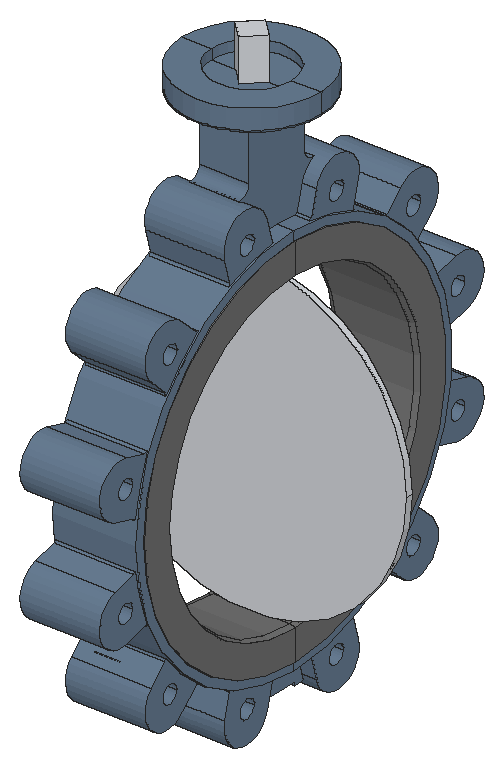
Revit family "HERZ Isolating Butterfly Valves AF-4219", category Rohrzubehör, Revit 2020
Family settings
  Bemaßung runder Anschluss = Durchmesser verwenden
  Teiletyp = Unterbricht
  OmniClass-Nummer = 23.65.55.14
  OmniClass-Titel = Valves for Liquid Services
  Arbeitsebenenbasiert = Nein
  Immer vertikal = Ja
  Beim Laden mit Abzugskörper schneiden = Nein
  Gemeinsam genutzt = Nein
Parameters
  Weight [instance] = size_lookup("4219_AF_", "Gewicht", 3.8, Nennweite)  # 37.6
  Vorgabe-Ansicht = 0.000 mm
  URL = "www.herzvalves.com"
  Spindle = "stainless steel ASTM-A276 / Type 316"  # constant formula
  Screws [instance] = if(Nennweite = 50.000 mm, "4x M16x35", if(Nennweite = 65.000 mm, "4x M16x35", if(Nennweite = 80.000 mm, "8x M16x35", if(Nennweite = 100.000 mm, "8x M16x40", if(Nennweite = 125.000 mm, "8x M16x40", if(Nennweite = 150.000 mm, "8x M20x40", if(Nennweite = 200.000 mm, "12x M20x45", if(Nennweite = 250.000 mm, "12x M24x45", "12x M24x45"))))))))  # "12x M24x45"
  SCTWSEQ = "FW;SBT_TYP_FW=\"101\";2"
  SCTWCODE = "04;07;02"  # constant formula
  SCRNSEQ = "ARM;ARM_TYP=\"ALLF\";2"
  SCRNCODE = "05;13;02"  # constant formula
  R99 = 1.500 mm  # constant formula
  R02 [instance] = size_lookup("4219_AF_", "R2", 1.000 mm, Nennweite)  # 37.500 mm
  Part number [instance] = size_lookup("4219_AF_", "Artnr", 421911, Nennweite)  # 1421939
  PN [instance] = size_lookup("4219_AF_", "PN", 16, Nennweite)  # 10
  O-Ring = "EPDM entsprechend ISO 1691"  # constant formula
  Min. operating temperature = "-20.00 °C with appropriate water-glycol mixture"  # constant formula
  Medium = "Heating water quality according ÖNORM H5195 or VDI-Standard 2035. The use of ethylene or propylene glycol in a\nmixing ratio 25- 50% is allowed."
  Max. operating temperature = 110 °C  # constant formula
  L05 [instance] = size_lookup("4219_AF_", "L5", 1.000 mm, Nennweite)  # 22.000 mm
  L04 [instance] = L01 - 3.500 mm  # 35.500 mm
  L03 [instance] = L01 + 1.500 mm  # 40.500 mm
  L02 [instance] = size_lookup("4219_AF_", "L2", 14.500 mm, Nennweite)  # 30.500 mm
  L01 [instance] = size_lookup("4219_AF_", "L1", 21.500 mm, Nennweite)  # 39.000 mm
  R01 [instance] = size_lookup("4219_AF_", "R1", 44.000 mm, Nennweite)  # 65.000 mm
  Nennweite [instance] = 300.000 mm
  Hersteller = "HERZ Armaturen Ges.m.b.H."  # constant formula
  H05 [instance] = size_lookup("4219_AF_", "H5", 1.000 mm, Nennweite) + H03  # 39.000 mm
  H04 [instance] = H01 - H03  # 299.000 mm
  H03 [instance] = size_lookup("4219_AF_", "H3", 1.000 mm, Nennweite)  # 9.000 mm
  H02 [instance] = size_lookup("4219_AF_", "H2", 13.000 mm, Nennweite)  # 20.000 mm
  H01 [instance] = size_lookup("4219_AF_", "H1", 125.000 mm, Nennweite)  # 308.000 mm
  Flange = "accoding to EN1092-2"  # constant formula
  Torque in NM [instance] = size_lookup("4219_AF_", "Nm", 20, Nennweite)  # 350
  Disc = "stainless steel 1.4408"  # constant formula
  DN80 [instance] = Nennweite = 80.000 mm  # no
  DN65 [instance] = Nennweite = 65.000 mm  # no
  DN50 [instance] = Nennweite = 50.000 mm  # no
  DN300 [instance] = Nennweite = 300.000 mm  # yes
  DN250 [instance] = Nennweite = 250.000 mm  # no
  DN200 [instance] = Nennweite = 200.000 mm  # no
  DN150 [instance] = Nennweite = 150.000 mm  # no
  DN125 [instance] = Nennweite = 125.000 mm  # no
  DN100 [instance] = Nennweite = 100.000 mm  # no
  D06 [instance] = size_lookup("4219_AF_", "D6", 25.300 mm, Nennweite)  # 146.500 mm
  D05 [instance] = size_lookup("4219_AF_", "D5", 24.500 mm, Nennweite)  # 145.000 mm
  D04 [instance] = D05 + 2.000 mm  # 147.000 mm
  D03 [instance] = size_lookup("4219_AF_", "D3", 35.500 mm, Nennweite)  # 167.500 mm
  D02 [instance] = size_lookup("4219_AF_", "D2", 41.000 mm, Nennweite)  # 175.000 mm
  D01 [instance] = size_lookup("4219_AF_", "D1", 47.000 mm, Nennweite)  # 183.000 mm
  Body sealing = "EPDM according to ISO 1691"  # constant formula
  Body = "GGG, GJS-400-15/JS1030, according to EN1563"  # constant formula
  Application = "Suitable for fluids in building services, cold water systems, hot water saystems, etc."
Reference planes
  plane 1 "Mitte (Vorne/hinten)": y = 0
  plane 2: z = 0
  plane 3 "Mitte (Links/rechts)": x = 0
Forms (mm)
  Revolve 1, solid, material "Herz-Metall-blau", detail levels fine
    sketch origin (0, 0, 0) x (1, 0, 0) y (0, 0, 1)
      loop
        line (-30.5, 175) -> (-30.5, 167.5) -> (30.5, 167.5) -> (30.5, 175) -> (39, 175) -> (39, 183) -> (-39, 183) -> (-39, 175) -> (-30.5, 175)
      axis (-39, 0) -> (39, 0)
    angle from 0 to 360
  Revolve 2, solid, material "Herz-Metall-blau", detail levels fine
    sketch origin (0, 0, 0) x (1, 0, 0) y (0, 0, 1)
      loop
        line (-65, 308) -> (-65, 289.463)
        arc (-65, 289.463) -> (-64.673, 288.527) -> (-63.833, 288) r 1.5
        line (-63.833, 288) -> (0, 288) -> (0, 299) -> (-37.5, 299) -> (-37.5, 308) -> (-65, 308)
      axis (0, 308) -> (0, 288)
    angle from 0 to 360
  Extrusion 3, solid, material "Herz-Metall-blau", visible <- "DN50", detail levels fine
    sketch origin (0, 0, 0) x (0, 1, 0) y (0, 0, 1)
      loop
        line (56.215, -32.173) -> (43.95, -19.909)
        arc (43.95, -19.909) -> (43.387, -18.793) -> (43.596, -17.56) r 2
        arc (43.596, -17.56) -> (33.234, -33.234) -> (17.56, -43.596) r 47
        arc (17.56, -43.596) -> (18.793, -43.387) -> (19.909, -43.95) r 2
        line (19.909, -43.95) -> (32.173, -56.215)
        arc (32.173, -56.215) -> (56.215, -56.215) -> (56.215, -32.173) r 17
      loop
        arc (-56.215, -32.173) -> (-56.215, -56.215) -> (-32.173, -56.215) r 17
        line (-32.173, -56.215) -> (-19.909, -43.95)
        arc (-19.909, -43.95) -> (-18.793, -43.387) -> (-17.56, -43.596) r 2
        arc (-17.56, -43.596) -> (-33.234, -33.234) -> (-43.596, -17.56) r 47
        arc (-43.596, -17.56) -> (-43.387, -18.793) -> (-43.95, -19.909) r 2
        line (-43.95, -19.909) -> (-56.215, -32.173)
      loop
        arc (56.215, 32.173) -> (56.215, 56.215) -> (32.173, 56.215) r 17
        line (32.173, 56.215) -> (19.909, 43.95)
        arc (19.909, 43.95) -> (18.793, 43.387) -> (17.56, 43.596) r 2
        arc (17.56, 43.596) -> (33.234, 33.234) -> (43.596, 17.56) r 47
        arc (43.596, 17.56) -> (43.387, 18.793) -> (43.95, 19.909) r 2
        line (43.95, 19.909) -> (56.215, 32.173)
      loop
        line (-56.215, 32.173) -> (-43.95, 19.909)
        arc (-43.95, 19.909) -> (-43.387, 18.793) -> (-43.596, 17.56) r 2
        arc (-43.596, 17.56) -> (-33.234, 33.234) -> (-17.56, 43.596) r 47
        arc (-17.56, 43.596) -> (-18.793, 43.387) -> (-19.909, 43.95) r 2
        line (-19.909, 43.95) -> (-32.173, 56.215)
        arc (-32.173, 56.215) -> (-56.215, 56.215) -> (-56.215, 32.173) r 17
      loop
        circle (-44.194, 44.194) r 6.92
      loop
        circle (44.194, 44.194) r 6.92
      loop
        circle (44.194, -44.194) r 6.92
      loop
        circle (-44.194, -44.194) r 6.92
    from -19.5 to 19.5
  Extrusion 4, solid, material "Herz-Metall-blau", visible <- "DN50", detail levels fine
    sketch origin (0, 0, 0) x (0, 1, 0) y (0, 0, 1)
      loop
        line (20, 74.845) -> (20, 112) -> (-20, 112) -> (-20, 74.845)
        arc (-20, 74.845) -> (-26.046, 62.811) -> (-39.31, 60.477) r 15
        arc (-39.31, 60.477) -> (-35.477, 58.789) -> (-32.173, 56.215) r 17
        line (-32.173, 56.215) -> (-19.909, 43.95)
        arc (-19.909, 43.95) -> (-18.793, 43.387) -> (-17.56, 43.596) r 2
        arc (-17.56, 43.596) -> (0, 47) -> (17.56, 43.596) r 47
        arc (17.56, 43.596) -> (18.793, 43.387) -> (19.909, 43.95) r 2
        line (19.909, 43.95) -> (32.173, 56.215)
        arc (32.173, 56.215) -> (35.477, 58.789) -> (39.31, 60.477) r 17
        arc (39.31, 60.477) -> (26.046, 62.811) -> (20, 74.845) r 15
    from -15 to 15
  Extrusion 5, solid, material "Herz-Metall-blau", visible <- "DN50"
    sketch origin (0, 0, 0) x (0, 1, 0) y (0, 0, 1)
      loop
        arc (33.834, -58) -> (34.246, -58.062) -> (34.622, -58.243) r 1.4
        arc (34.622, -58.243) -> (33.35, -57.286) -> (32.173, -56.215) r 17
        line (32.173, -56.215) -> (19.909, -43.95)
        arc (19.909, -43.95) -> (18.793, -43.387) -> (17.56, -43.596) r 2
        arc (17.56, -43.596) -> (0, -47) -> (-17.56, -43.596) r 47
        arc (-17.56, -43.596) -> (-18.793, -43.387) -> (-19.909, -43.95) r 2
        line (-19.909, -43.95) -> (-32.173, -56.215)
        arc (-32.173, -56.215) -> (-33.35, -57.286) -> (-34.622, -58.243) r 17
        arc (-34.622, -58.243) -> (-34.246, -58.062) -> (-33.834, -58) r 1.4
        line (-33.834, -58) -> (-16.963, -58)
        arc (-16.963, -58) -> (-15.575, -58.575) -> (-15, -59.963) r 1.963
        line (-15, -59.963) -> (-15, -61) -> (15, -61) -> (15, -59.963)
        arc (15, -59.963) -> (15.575, -58.575) -> (16.963, -58) r 1.963
        line (16.963, -58) -> (33.834, -58)
    from -15 to 15
  Revolve 6, solid, material "Gummi", detail levels fine
    sketch origin (-134.5, 0, 0) x (1, 0, 0) y (0, 0, 1)
      loop
        line (94, 175) -> (94, 147) -> (99, 145) -> (170, 145) -> (175, 147) -> (175, 175) -> (165, 175) -> (165, 167.5) -> (104, 167.5) -> (104, 175) -> (94, 175)
      axis (94, 0) -> (175, 0)
    angle from 0 to 360
  Extrusion 7, solid, detail levels fine
    sketch origin (0, 0, 0) x (1, 0, 0) y (0, 0, 1)
      loop
        circle (0, 0) r 146.5
    from -2.5 to 2.5
  Extrusion 8, solid, material "Herz-Metall-blau", visible <- "DN65", detail levels fine
    sketch origin (0, -300, 0) x (0, 1, 0) y (0, 0, 1)
      loop
        circle (351.265, 51.265) r 6.92
      loop
        arc (363.286, 39.244) -> (363.286, 63.286) -> (339.244, 63.286) r 17
        line (339.244, 63.286) -> (328.595, 52.636)
        arc (328.595, 52.636) -> (327.499, 52.076) -> (326.282, 52.264) r 2
        arc (326.282, 52.264) -> (341.366, 41.366) -> (352.264, 26.282) r 58.501
        arc (352.264, 26.282) -> (352.087, 27.51) -> (352.656, 28.614) r 2.038
        line (352.656, 28.614) -> (363.286, 39.244)
      loop
        circle (351.265, -51.265) r 6.92
      loop
        line (363.286, -39.244) -> (352.656, -28.614)
        arc (352.656, -28.614) -> (352.087, -27.51) -> (352.264, -26.282) r 2.038
        arc (352.264, -26.282) -> (341.366, -41.366) -> (326.282, -52.264) r 58.501
        arc (326.282, -52.264) -> (327.499, -52.076) -> (328.595, -52.636) r 2
        line (328.595, -52.636) -> (339.244, -63.286)
        arc (339.244, -63.286) -> (363.286, -63.286) -> (363.286, -39.244) r 17
      loop
        circle (248.735, 51.265) r 6.92
      loop
        line (236.714, 39.244) -> (247.344, 28.614)
        arc (247.344, 28.614) -> (247.913, 27.51) -> (247.736, 26.282) r 2.038
        arc (247.736, 26.282) -> (258.634, 41.366) -> (273.718, 52.264) r 58.501
        arc (273.718, 52.264) -> (272.501, 52.076) -> (271.405, 52.636) r 2
        line (271.405, 52.636) -> (260.756, 63.286)
        arc (260.756, 63.286) -> (236.714, 63.286) -> (236.714, 39.244) r 17
      loop
        circle (248.735, -51.265) r 6.92
      loop
        arc (236.714, -39.244) -> (236.714, -63.286) -> (260.756, -63.286) r 17
        line (260.756, -63.286) -> (271.405, -52.636)
        arc (271.405, -52.636) -> (272.501, -52.076) -> (273.718, -52.264) r 2
        arc (273.718, -52.264) -> (258.634, -41.366) -> (247.736, -26.282) r 58.501
        arc (247.736, -26.282) -> (247.913, -27.51) -> (247.344, -28.614) r 2.038
        line (247.344, -28.614) -> (236.714, -39.244)
    from -21 to 21
  Extrusion 9, solid, material "Herz-Metall-blau", visible <- "DN65", detail levels fine
    sketch origin (0, -300, 0) x (0, 1, 0) y (0, 0, 1)
      loop
        line (278, 136.5) -> (278, 78.286)
        arc (278, 78.286) -> (272.889, 69.099) -> (263, 65.53) r 14.984
        line (263, 65.53) -> (257.982, 65.53)
        arc (257.982, 65.53) -> (259.428, 64.481) -> (260.756, 63.286) r 17
        line (260.756, 63.286) -> (271.405, 52.636)
        arc (271.405, 52.636) -> (272.501, 52.076) -> (273.718, 52.264) r 2
        arc (273.718, 52.264) -> (300, 58.5) -> (326.282, 52.264) r 58.5
        arc (326.282, 52.264) -> (327.499, 52.076) -> (328.595, 52.636) r 2
        line (328.595, 52.636) -> (339.244, 63.286)
        arc (339.244, 63.286) -> (340.572, 64.481) -> (342.018, 65.53) r 17
        line (342.018, 65.53) -> (337, 65.53)
        arc (337, 65.53) -> (327.111, 69.099) -> (322, 78.286) r 14.984
        line (322, 78.286) -> (322, 136.5) -> (278, 136.5)
      loop
        arc (260.756, -63.286) -> (259.428, -64.481) -> (257.982, -65.53) r 17
        line (257.982, -65.53) -> (280.029, -65.53)
        arc (280.029, -65.53) -> (281.423, -66.108) -> (282, -67.501) r 1.971
        line (282, -67.501) -> (282, -74) -> (318, -74) -> (318, -67.527)
        arc (318, -67.527) -> (318.585, -66.115) -> (319.997, -65.53) r 1.997
        line (319.997, -65.53) -> (342.018, -65.53)
        arc (342.018, -65.53) -> (340.572, -64.481) -> (339.244, -63.286) r 17
        line (339.244, -63.286) -> (328.595, -52.636)
        arc (328.595, -52.636) -> (327.499, -52.076) -> (326.282, -52.264) r 2
        arc (326.282, -52.264) -> (300, -58.5) -> (273.718, -52.264) r 58.5
        arc (273.718, -52.264) -> (272.501, -52.076) -> (271.405, -52.636) r 2
        line (271.405, -52.636) -> (260.756, -63.286)
    from -18 to 18
  Extrusion 10, solid, material "Herz-Metall-blau", visible <- "DN80", detail levels fine
    sketch origin (0, -300, 0) x (0, 1, 0) y (0, 0, 1)
      loop
        circle (269.385, 73.91) r 6.92
      loop
        arc (285.091, 80.416) -> (262.88, 89.616) -> (253.679, 67.405) r 17
        line (253.679, 67.405) -> (259.513, 53.322)
        arc (259.513, 53.322) -> (259.602, 52.073) -> (258.924, 51.02) r 1.982
        arc (258.924, 51.02) -> (274.934, 60.514) -> (292.968, 65.121) r 65.5
        arc (292.968, 65.121) -> (291.745, 65.388) -> (290.924, 66.335) r 1.984
        line (290.924, 66.335) -> (285.091, 80.416)
      loop
        circle (226.09, 30.615) r 6.92
      loop
        line (219.584, 14.909) -> (233.665, 9.076)
        arc (233.665, 9.076) -> (234.612, 8.255) -> (234.879, 7.032) r 1.984
        arc (234.879, 7.032) -> (239.486, 25.066) -> (248.98, 41.076) r 65.5
        arc (248.98, 41.076) -> (247.927, 40.398) -> (246.678, 40.487) r 1.982
        line (246.678, 40.487) -> (232.595, 46.321)
        arc (232.595, 46.321) -> (210.384, 37.12) -> (219.584, 14.909) r 17
      loop
        circle (269.385, -73.91) r 6.92
      loop
        line (285.091, -80.416) -> (290.924, -66.335)
        arc (290.924, -66.335) -> (291.745, -65.388) -> (292.968, -65.121) r 1.984
        arc (292.968, -65.121) -> (274.934, -60.514) -> (258.924, -51.02) r 65.5
        arc (258.924, -51.02) -> (259.602, -52.073) -> (259.513, -53.322) r 1.982
        line (259.513, -53.322) -> (253.679, -67.405)
        arc (253.679, -67.405) -> (262.88, -89.616) -> (285.091, -80.416) r 17
      loop
        circle (226.09, -30.615) r 6.92
      loop
        arc (219.584, -14.909) -> (210.384, -37.12) -> (232.595, -46.321) r 17
        line (232.595, -46.321) -> (246.678, -40.487)
        arc (246.678, -40.487) -> (247.927, -40.398) -> (248.98, -41.076) r 1.982
        arc (248.98, -41.076) -> (239.486, -25.066) -> (234.879, -7.032) r 65.5
        arc (234.879, -7.032) -> (234.612, -8.255) -> (233.665, -9.076) r 1.984
        line (233.665, -9.076) -> (219.584, -14.909)
      loop
        circle (330.615, 73.91) r 6.92
      loop
        line (314.909, 80.416) -> (309.076, 66.335)
        arc (309.076, 66.335) -> (308.255, 65.388) -> (307.032, 65.121) r 1.984
        arc (307.032, 65.121) -> (325.066, 60.514) -> (341.076, 51.02) r 65.5
        arc (341.076, 51.02) -> (340.398, 52.073) -> (340.487, 53.322) r 1.982
        line (340.487, 53.322) -> (346.321, 67.405)
        arc (346.321, 67.405) -> (337.12, 89.616) -> (314.909, 80.416) r 17
      loop
        circle (373.91, 30.615) r 6.92
      loop
        arc (380.416, 14.909) -> (389.616, 37.12) -> (367.405, 46.321) r 17
        line (367.405, 46.321) -> (353.322, 40.487)
        arc (353.322, 40.487) -> (352.073, 40.398) -> (351.02, 41.076) r 1.982
        arc (351.02, 41.076) -> (360.514, 25.066) -> (365.121, 7.032) r 65.5
        arc (365.121, 7.032) -> (365.388, 8.255) -> (366.335, 9.076) r 1.984
        line (366.335, 9.076) -> (380.416, 14.909)
      loop
        circle (330.615, -73.91) r 6.92
      loop
        arc (314.909, -80.416) -> (337.12, -89.616) -> (346.321, -67.405) r 17
        line (346.321, -67.405) -> (340.487, -53.322)
        arc (340.487, -53.322) -> (340.398, -52.073) -> (341.076, -51.02) r 1.982
        arc (341.076, -51.02) -> (325.066, -60.514) -> (307.032, -65.121) r 65.5
        arc (307.032, -65.121) -> (308.255, -65.388) -> (309.076, -66.335) r 1.984
        line (309.076, -66.335) -> (314.909, -80.416)
      loop
        circle (373.91, -30.615) r 6.92
      loop
        line (380.416, -14.909) -> (366.335, -9.076)
        arc (366.335, -9.076) -> (365.388, -8.255) -> (365.121, -7.032) r 1.984
        arc (365.121, -7.032) -> (360.514, -25.066) -> (351.02, -41.076) r 65.5
        arc (351.02, -41.076) -> (352.073, -40.398) -> (353.322, -40.487) r 1.982
        line (353.322, -40.487) -> (367.405, -46.321)
        arc (367.405, -46.321) -> (389.616, -37.12) -> (380.416, -14.909) r 17
    from -21 to 21
  Extrusion 11, solid, material "Herz-Metall-blau", visible <- "DN80", detail levels fine
    sketch origin (0, -300, 0) x (0, 1, 0) y (0, 0, 1)
      loop
        line (278, 143.5) -> (278, 100.814)
        arc (278, 100.814) -> (275.545, 94.251) -> (269.385, 90.91) r 10
        arc (269.385, 90.91) -> (278.83, 88.045) -> (285.091, 80.416) r 17
        line (285.091, 80.416) -> (290.924, 66.335)
        arc (290.924, 66.335) -> (291.744, 65.388) -> (292.968, 65.121) r 1.984
        arc (292.968, 65.121) -> (300, 65.497) -> (307.032, 65.121) r 66.05
        arc (307.032, 65.121) -> (308.256, 65.388) -> (309.076, 66.335) r 1.984
        line (309.076, 66.335) -> (314.909, 80.416)
        arc (314.909, 80.416) -> (321.17, 88.045) -> (330.615, 90.91) r 17
        arc (330.615, 90.91) -> (324.455, 94.251) -> (322, 100.814) r 10
        line (322, 100.814) -> (322, 143.5) -> (278, 143.5)
      loop
        line (285.091, -80.416) -> (286.5, -80.946) -> (313.5, -80.946) -> (314.89, -80.371) -> (309.076, -66.335)
        arc (309.076, -66.335) -> (308.256, -65.388) -> (307.032, -65.121) r 1.984
        arc (307.032, -65.121) -> (300, -65.497) -> (292.968, -65.121) r 66.05
        arc (292.968, -65.121) -> (291.744, -65.388) -> (290.924, -66.335) r 1.984
        line (290.924, -66.335) -> (285.091, -80.416)
    from -18.5 to 18.5
  Extrusion 12, solid, material "Herz-Metall-blau", visible <- "DN100", detail levels fine
    sketch origin (0, -300, 0) x (0, 1, 0) y (0, 0, 1)
      loop
        circle (265.558, 83.149) r 6.92
      loop
        arc (281.264, 89.655) -> (259.053, 98.855) -> (249.853, 76.644) r 17
        line (249.853, 76.644) -> (255.731, 62.451)
        arc (255.731, 62.451) -> (255.813, 61.14) -> (255.074, 60.055) r 2.025
        arc (255.074, 60.055) -> (271.3, 69.291) -> (289.305, 74.233) r 75
        arc (289.305, 74.233) -> (288.012, 74.478) -> (287.142, 75.464) r 2.027
        line (287.142, 75.464) -> (281.264, 89.655)
      loop
        circle (216.851, 34.442) r 6.92
      loop
        line (210.345, 18.736) -> (224.536, 12.858)
        arc (224.536, 12.858) -> (225.522, 11.988) -> (225.767, 10.695) r 2.027
        arc (225.767, 10.695) -> (230.709, 28.7) -> (239.945, 44.926) r 75
        arc (239.945, 44.926) -> (238.86, 44.187) -> (237.549, 44.269) r 2.025
        line (237.549, 44.269) -> (223.356, 50.147)
        arc (223.356, 50.147) -> (201.145, 40.947) -> (210.345, 18.736) r 17
      loop
        circle (265.558, -83.149) r 6.92
      loop
        line (281.264, -89.655) -> (287.142, -75.464)
        arc (287.142, -75.464) -> (288.012, -74.478) -> (289.305, -74.233) r 2.027
        arc (289.305, -74.233) -> (271.3, -69.291) -> (255.074, -60.055) r 75
        arc (255.074, -60.055) -> (255.813, -61.14) -> (255.731, -62.451) r 2.025
        line (255.731, -62.451) -> (249.853, -76.644)
        arc (249.853, -76.644) -> (259.053, -98.855) -> (281.264, -89.655) r 17
      loop
        circle (216.851, -34.442) r 6.92
      loop
        arc (210.345, -18.736) -> (201.145, -40.947) -> (223.356, -50.147) r 17
        line (223.356, -50.147) -> (237.549, -44.269)
        arc (237.549, -44.269) -> (238.86, -44.187) -> (239.945, -44.926) r 2.025
        arc (239.945, -44.926) -> (230.709, -28.7) -> (225.767, -10.695) r 75
        arc (225.767, -10.695) -> (225.522, -11.988) -> (224.536, -12.858) r 2.027
        line (224.536, -12.858) -> (210.345, -18.736)
      loop
        circle (334.442, 83.149) r 6.92
      loop
        line (318.736, 89.655) -> (312.858, 75.464)
        arc (312.858, 75.464) -> (311.988, 74.478) -> (310.695, 74.233) r 2.027
        arc (310.695, 74.233) -> (328.7, 69.291) -> (344.926, 60.055) r 75
        arc (344.926, 60.055) -> (344.187, 61.14) -> (344.269, 62.451) r 2.025
        line (344.269, 62.451) -> (350.147, 76.644)
        arc (350.147, 76.644) -> (340.947, 98.855) -> (318.736, 89.655) r 17
      loop
        circle (383.149, 34.442) r 6.92
      loop
        arc (389.655, 18.736) -> (398.855, 40.947) -> (376.644, 50.147) r 17
        line (376.644, 50.147) -> (362.451, 44.269)
        arc (362.451, 44.269) -> (361.14, 44.187) -> (360.055, 44.926) r 2.025
        arc (360.055, 44.926) -> (369.291, 28.7) -> (374.233, 10.695) r 75
        arc (374.233, 10.695) -> (374.478, 11.988) -> (375.464, 12.858) r 2.027
        line (375.464, 12.858) -> (389.655, 18.736)
      loop
        circle (334.442, -83.149) r 6.92
      loop
        arc (318.736, -89.655) -> (340.947, -98.855) -> (350.147, -76.644) r 17
        line (350.147, -76.644) -> (344.269, -62.451)
        arc (344.269, -62.451) -> (344.187, -61.14) -> (344.926, -60.055) r 2.025
        arc (344.926, -60.055) -> (328.7, -69.291) -> (310.695, -74.233) r 75
        arc (310.695, -74.233) -> (311.988, -74.478) -> (312.858, -75.464) r 2.027
        line (312.858, -75.464) -> (318.736, -89.655)
      loop
        circle (383.149, -34.442) r 6.92
      loop
        line (389.655, -18.736) -> (375.464, -12.858)
        arc (375.464, -12.858) -> (374.478, -11.988) -> (374.233, -10.695) r 2.027
        arc (374.233, -10.695) -> (369.291, -28.7) -> (360.055, -44.926) r 75
        arc (360.055, -44.926) -> (361.14, -44.187) -> (362.451, -44.269) r 2.025
        line (362.451, -44.269) -> (376.644, -50.147)
        arc (376.644, -50.147) -> (398.855, -40.947) -> (389.655, -18.736) r 17
    from -24 to 24
  Extrusion 13, solid, material "Herz-Metall-blau", visible <- "DN100", detail levels fine
    sketch origin (0, -300, 0) x (0, 1, 0) y (0, 0, 1)
      loop
        line (274, 167) -> (274, 114.47)
        arc (274, 114.47) -> (270.644, 105.014) -> (262.078, 99.789) r 15
        arc (262.078, 99.789) -> (273.498, 98.181) -> (281.264, 89.655) r 17
        line (281.264, 89.655) -> (287.142, 75.464)
        arc (287.142, 75.464) -> (288.012, 74.478) -> (289.305, 74.233) r 2.027
        arc (289.305, 74.233) -> (300, 75) -> (310.695, 74.233) r 75
        arc (310.695, 74.233) -> (311.988, 74.478) -> (312.858, 75.464) r 2.027
        line (312.858, 75.464) -> (318.736, 89.655)
        arc (318.736, 89.655) -> (326.502, 98.181) -> (337.922, 99.789) r 17
        arc (337.922, 99.789) -> (329.356, 105.014) -> (326, 114.47) r 15
        line (326, 114.47) -> (326, 167) -> (274, 167)
      loop
        line (286.5, -93) -> (313.5, -93) -> (313.5, -96) -> (323.312, -96)
        arc (323.312, -96) -> (320.654, -93.094) -> (318.736, -89.655) r 17
        line (318.736, -89.655) -> (312.858, -75.464)
        arc (312.858, -75.464) -> (311.988, -74.478) -> (310.695, -74.233) r 2.027
        arc (310.695, -74.233) -> (300, -75) -> (289.305, -74.233) r 75
        arc (289.305, -74.233) -> (288.012, -74.478) -> (287.142, -75.464) r 2.027
        line (287.142, -75.464) -> (281.264, -89.655)
        arc (281.264, -89.655) -> (279.346, -93.094) -> (276.688, -96) r 17
        line (276.688, -96) -> (286.5, -96) -> (286.5, -93)
    from -18 to 18
  Extrusion 14, solid, material "Herz-Metall-blau", visible <- "DN125", detail levels fine
    sketch origin (0, -300, 0) x (0, 1, 0) y (0, 0, 1)
      loop
        circle (259.818, 97.007) r 6.92
      loop
        arc (275.524, 103.513) -> (253.313, 112.713) -> (244.112, 90.502) r 17
        line (244.112, 90.502) -> (249.217, 78.179)
        arc (249.217, 78.179) -> (249.286, 76.825) -> (248.485, 75.731) r 2.023
        arc (248.485, 75.731) -> (264.902, 84.594) -> (282.772, 89.957) r 91.852
        arc (282.772, 89.957) -> (281.505, 90.18) -> (280.649, 91.141) r 1.958
        line (280.649, 91.141) -> (275.524, 103.513)
      loop
        circle (202.993, 40.182) r 6.92
      loop
        line (196.487, 24.476) -> (208.859, 19.351)
        arc (208.859, 19.351) -> (209.82, 18.495) -> (210.043, 17.228) r 1.958
        arc (210.043, 17.228) -> (215.406, 35.098) -> (224.269, 51.515) r 91.852
        arc (224.269, 51.515) -> (223.175, 50.714) -> (221.821, 50.783) r 2.023
        line (221.821, 50.783) -> (209.498, 55.888)
        arc (209.498, 55.888) -> (187.287, 46.687) -> (196.487, 24.476) r 17
      loop
        circle (259.818, -97.007) r 6.92
      loop
        line (275.524, -103.513) -> (280.649, -91.141)
        arc (280.649, -91.141) -> (281.505, -90.18) -> (282.772, -89.957) r 1.958
        arc (282.772, -89.957) -> (264.902, -84.594) -> (248.485, -75.731) r 91.852
        arc (248.485, -75.731) -> (249.286, -76.825) -> (249.217, -78.179) r 2.023
        line (249.217, -78.179) -> (244.112, -90.502)
        arc (244.112, -90.502) -> (253.313, -112.713) -> (275.524, -103.513) r 17
      loop
        circle (202.993, -40.182) r 6.92
      loop
        arc (196.487, -24.476) -> (187.287, -46.687) -> (209.498, -55.888) r 17
        line (209.498, -55.888) -> (221.821, -50.783)
        arc (221.821, -50.783) -> (223.175, -50.714) -> (224.269, -51.515) r 2.023
        arc (224.269, -51.515) -> (215.406, -35.098) -> (210.043, -17.228) r 91.852
        arc (210.043, -17.228) -> (209.82, -18.495) -> (208.859, -19.351) r 1.958
        line (208.859, -19.351) -> (196.487, -24.476)
      loop
        circle (340.182, 97.007) r 6.92
      loop
        line (324.476, 103.513) -> (319.351, 91.141)
        arc (319.351, 91.141) -> (318.495, 90.18) -> (317.228, 89.957) r 1.958
        arc (317.228, 89.957) -> (335.098, 84.594) -> (351.515, 75.731) r 91.852
        arc (351.515, 75.731) -> (350.714, 76.825) -> (350.783, 78.179) r 2.023
        line (350.783, 78.179) -> (355.888, 90.502)
        arc (355.888, 90.502) -> (346.687, 112.713) -> (324.476, 103.513) r 17
      loop
        circle (397.007, 40.182) r 6.92
      loop
        arc (403.513, 24.476) -> (412.713, 46.687) -> (390.502, 55.888) r 17
        line (390.502, 55.888) -> (378.179, 50.783)
        arc (378.179, 50.783) -> (376.825, 50.714) -> (375.731, 51.515) r 2.023
        arc (375.731, 51.515) -> (384.594, 35.098) -> (389.957, 17.228) r 91.852
        arc (389.957, 17.228) -> (390.18, 18.495) -> (391.141, 19.351) r 1.958
        line (391.141, 19.351) -> (403.513, 24.476)
      loop
        circle (340.182, -97.007) r 6.92
      loop
        arc (324.476, -103.513) -> (346.687, -112.713) -> (355.888, -90.502) r 17
        line (355.888, -90.502) -> (350.783, -78.179)
        arc (350.783, -78.179) -> (350.714, -76.825) -> (351.515, -75.731) r 2.023
        arc (351.515, -75.731) -> (335.098, -84.594) -> (317.228, -89.957) r 91.852
        arc (317.228, -89.957) -> (318.495, -90.18) -> (319.351, -91.141) r 1.958
        line (319.351, -91.141) -> (324.476, -103.513)
      loop
        circle (397.007, -40.182) r 6.92
      loop
        line (403.513, -24.476) -> (391.141, -19.351)
        arc (391.141, -19.351) -> (390.18, -18.495) -> (389.957, -17.228) r 1.958
        arc (389.957, -17.228) -> (384.594, -35.098) -> (375.731, -51.515) r 91.852
        arc (375.731, -51.515) -> (376.825, -50.714) -> (378.179, -50.783) r 2.023
        line (378.179, -50.783) -> (390.502, -55.888)
        arc (390.502, -55.888) -> (412.713, -46.687) -> (403.513, -24.476) r 17
    from -26 to 26
  Extrusion 15, solid, material "Herz-Metall-blau", visible <- "DN125", detail levels fine
    sketch origin (0, -300, 0) x (0, 1, 0) y (0, 0, 1)
      loop
        line (273.999, 186) -> (273.95, 123.689)
        arc (273.95, 123.689) -> (270.458, 116.096) -> (262.42, 113.807) r 10
        arc (262.42, 113.807) -> (270.32, 110.376) -> (275.524, 103.513) r 17
        line (275.524, 103.513) -> (280.649, 91.141)
        arc (280.649, 91.141) -> (281.528, 90.167) -> (282.825, 89.967) r 1.958
        arc (282.825, 89.967) -> (299.999, 91.589) -> (317.173, 89.967) r 91.7
        arc (317.173, 89.967) -> (318.469, 90.167) -> (319.348, 91.141) r 1.958
        line (319.348, 91.141) -> (324.473, 103.513)
        arc (324.473, 103.513) -> (329.677, 110.376) -> (337.577, 113.807) r 17
        arc (337.577, 113.807) -> (329.539, 116.096) -> (325.999, 123.689) r 10
        line (325.999, 123.689) -> (325.999, 186) -> (273.999, 186)
      loop
        line (286.499, -110.51) -> (313.499, -110.51) -> (313.499, -113.51) -> (336.099, -113.51)
        arc (336.099, -113.51) -> (329.095, -109.897) -> (324.473, -103.513) r 17
        line (324.473, -103.513) -> (319.348, -91.141)
        arc (319.348, -91.141) -> (318.469, -90.167) -> (317.173, -89.967) r 1.958
        arc (317.173, -89.967) -> (299.999, -91.589) -> (282.825, -89.967) r 91.7
        arc (282.825, -89.967) -> (281.528, -90.167) -> (280.649, -91.141) r 1.958
        line (280.649, -91.141) -> (275.524, -103.513)
        arc (275.524, -103.513) -> (270.902, -109.897) -> (263.898, -113.51) r 17
        line (263.898, -113.51) -> (286.499, -113.51) -> (286.499, -110.51)
    from -18 to 18
  Extrusion 16, solid, material "Herz-Metall-blau", visible <- "DN150", detail levels fine
    sketch origin (0, -300, 0) x (0, 1, 0) y (0, 0, 1)
      loop
        circle (254.078, 110.866) r 8.645
      loop
        arc (273.479, 118.902) -> (246.042, 130.267) -> (234.677, 102.829) r 21
        line (234.677, 102.829) -> (241.591, 86.136)
        arc (241.591, 86.136) -> (241.664, 84.82) -> (240.899, 83.746) r 1.993
        arc (240.899, 83.746) -> (260.776, 94.698) -> (282.575, 101.008) r 102.504
        arc (282.575, 101.008) -> (281.263, 101.248) -> (280.379, 102.246) r 2.042
        line (280.379, 102.246) -> (273.479, 118.902)
      loop
        circle (189.134, 45.922) r 8.645
      loop
        line (181.098, 26.521) -> (197.754, 19.621)
        arc (197.754, 19.621) -> (198.752, 18.737) -> (198.992, 17.425) r 2.042
        arc (198.992, 17.425) -> (205.302, 39.224) -> (216.254, 59.101) r 102.504
        arc (216.254, 59.101) -> (215.18, 58.336) -> (213.864, 58.409) r 1.993
        line (213.864, 58.409) -> (197.171, 65.323)
        arc (197.171, 65.323) -> (169.733, 53.958) -> (181.098, 26.521) r 21
      loop
        circle (254.078, -110.866) r 8.645
      loop
        line (273.479, -118.902) -> (280.379, -102.246)
        arc (280.379, -102.246) -> (281.263, -101.248) -> (282.575, -101.008) r 2.042
        arc (282.575, -101.008) -> (260.776, -94.698) -> (240.899, -83.746) r 102.504
        arc (240.899, -83.746) -> (241.664, -84.82) -> (241.591, -86.136) r 1.993
        line (241.591, -86.136) -> (234.677, -102.829)
        arc (234.677, -102.829) -> (246.042, -130.267) -> (273.479, -118.902) r 21
      loop
        circle (189.134, -45.922) r 8.645
      loop
        arc (181.098, -26.521) -> (169.733, -53.958) -> (197.171, -65.323) r 21
        line (197.171, -65.323) -> (213.864, -58.409)
        arc (213.864, -58.409) -> (215.18, -58.336) -> (216.254, -59.101) r 1.993
        arc (216.254, -59.101) -> (205.302, -39.224) -> (198.992, -17.425) r 102.504
        arc (198.992, -17.425) -> (198.752, -18.737) -> (197.754, -19.621) r 2.042
        line (197.754, -19.621) -> (181.098, -26.521)
      loop
        circle (345.922, 110.866) r 8.645
      loop
        line (326.521, 118.902) -> (319.621, 102.246)
        arc (319.621, 102.246) -> (318.737, 101.248) -> (317.425, 101.008) r 2.042
        arc (317.425, 101.008) -> (339.224, 94.698) -> (359.101, 83.746) r 102.504
        arc (359.101, 83.746) -> (358.336, 84.82) -> (358.409, 86.136) r 1.993
        line (358.409, 86.136) -> (365.323, 102.829)
        arc (365.323, 102.829) -> (353.958, 130.267) -> (326.521, 118.902) r 21
      loop
        circle (410.866, 45.922) r 8.645
      loop
        arc (418.902, 26.521) -> (430.267, 53.958) -> (402.829, 65.323) r 21
        line (402.829, 65.323) -> (386.136, 58.409)
        arc (386.136, 58.409) -> (384.82, 58.336) -> (383.746, 59.101) r 1.993
        arc (383.746, 59.101) -> (394.698, 39.224) -> (401.008, 17.425) r 102.504
        arc (401.008, 17.425) -> (401.248, 18.737) -> (402.246, 19.621) r 2.042
        line (402.246, 19.621) -> (418.902, 26.521)
      loop
        circle (345.922, -110.866) r 8.645
      loop
        arc (326.521, -118.902) -> (353.958, -130.267) -> (365.323, -102.829) r 21
        line (365.323, -102.829) -> (358.409, -86.136)
        arc (358.409, -86.136) -> (358.336, -84.82) -> (359.101, -83.746) r 1.993
        arc (359.101, -83.746) -> (339.224, -94.698) -> (317.425, -101.008) r 102.504
        arc (317.425, -101.008) -> (318.737, -101.248) -> (319.621, -102.246) r 2.042
        line (319.621, -102.246) -> (326.521, -118.902)
      loop
        circle (410.866, -45.922) r 8.645
      loop
        line (418.902, -26.521) -> (402.246, -19.621)
        arc (402.246, -19.621) -> (401.248, -18.737) -> (401.008, -17.425) r 2.042
        arc (401.008, -17.425) -> (394.698, -39.224) -> (383.746, -59.101) r 102.504
        arc (383.746, -59.101) -> (384.82, -58.336) -> (386.136, -58.409) r 1.993
        line (386.136, -58.409) -> (402.829, -65.323)
        arc (402.829, -65.323) -> (430.267, -53.958) -> (418.902, -26.521) r 21
    from -26 to 26
  Extrusion 17, solid, material "Herz-Metall-blau", visible <- "DN150", detail levels fine
    sketch origin (0, -300, 0) x (0, 1, 0) y (0, 0, 1)
      loop
        line (274, 199) -> (274, 135)
        arc (274, 135) -> (272.527, 129.776) -> (268.541, 126.091) r 10
        arc (268.541, 126.091) -> (271.388, 122.755) -> (273.479, 118.902) r 21
        line (273.479, 118.902) -> (280.379, 102.246)
        arc (280.379, 102.246) -> (281.28, 101.239) -> (282.612, 101.014) r 2.042
        arc (282.612, 101.014) -> (300, 102.5) -> (317.388, 101.014) r 102.5
        arc (317.388, 101.014) -> (318.72, 101.239) -> (319.621, 102.246) r 2.042
        line (319.621, 102.246) -> (326.521, 118.902)
        arc (326.521, 118.902) -> (328.612, 122.755) -> (331.459, 126.091) r 21
        arc (331.459, 126.091) -> (327.473, 129.776) -> (326, 135) r 10
        line (326, 135) -> (326, 199) -> (274, 199)
      loop
        line (286.5, -122.5) -> (313.5, -122.5) -> (313.5, -125.5) -> (330.861, -125.5)
        arc (330.861, -125.5) -> (328.378, -122.407) -> (326.521, -118.902) r 21
        line (326.521, -118.902) -> (319.621, -102.246)
        arc (319.621, -102.246) -> (318.72, -101.239) -> (317.388, -101.014) r 2.042
        arc (317.388, -101.014) -> (300, -102.5) -> (282.612, -101.014) r 102.5
        arc (282.612, -101.014) -> (281.28, -101.239) -> (280.379, -102.246) r 2.042
        line (280.379, -102.246) -> (273.479, -118.902)
        arc (273.479, -118.902) -> (271.622, -122.407) -> (269.139, -125.5) r 21
        line (269.139, -125.5) -> (286.5, -125.5) -> (286.5, -122.5)
    from -18 to 18
  Extrusion 18, solid, material "Herz-Metall-blau", visible <- "DN200", detail levels fine
    sketch origin (0, -400, 0) x (0, 1, 0) y (0, 0, 1)
      loop
        circle (361.824, 142.474) r 8.645
      loop
        arc (382.109, 147.909) -> (356.389, 162.759) -> (341.54, 137.039) r 21
        line (341.54, 137.039) -> (345.801, 121.136)
        arc (345.801, 121.136) -> (345.679, 119.74) -> (344.688, 118.75) r 2.048
        arc (344.688, 118.75) -> (366.062, 126.527) -> (388.459, 130.491) r 131
        arc (388.459, 130.491) -> (387.159, 130.838) -> (386.388, 131.939) r 1.965
        line (386.388, 131.939) -> (382.109, 147.909)
      loop
        circle (257.526, 38.176) r 8.645
      loop
        line (252.091, 17.891) -> (268.061, 13.612)
        arc (268.061, 13.612) -> (269.162, 12.841) -> (269.509, 11.541) r 1.965
        arc (269.509, 11.541) -> (273.473, 33.938) -> (281.25, 55.312) r 131
        arc (281.25, 55.312) -> (280.26, 54.321) -> (278.864, 54.199) r 2.048
        line (278.864, 54.199) -> (262.961, 58.46)
        arc (262.961, 58.46) -> (237.241, 43.611) -> (252.091, 17.891) r 21
      loop
        circle (295.702, 104.298) r 8.645
      loop
        line (280.853, 89.449) -> (292.543, 77.758)
        arc (292.543, 77.758) -> (293.111, 76.539) -> (292.762, 75.24) r 1.965
        arc (292.762, 75.24) -> (307.393, 92.655) -> (324.816, 107.277) r 131
        arc (324.816, 107.277) -> (323.463, 106.914) -> (322.193, 107.506) r 2.048
        line (322.193, 107.506) -> (310.551, 119.147)
        arc (310.551, 119.147) -> (280.853, 119.147) -> (280.853, 89.449) r 21
      loop
        circle (361.824, -142.474) r 8.645
      loop
        line (382.109, -147.909) -> (386.388, -131.939)
        arc (386.388, -131.939) -> (387.159, -130.838) -> (388.459, -130.491) r 1.965
        arc (388.459, -130.491) -> (366.062, -126.527) -> (344.688, -118.75) r 131
        arc (344.688, -118.75) -> (345.679, -119.74) -> (345.801, -121.136) r 2.048
        line (345.801, -121.136) -> (341.54, -137.039)
        arc (341.54, -137.039) -> (356.389, -162.759) -> (382.109, -147.909) r 21
      loop
        circle (257.526, -38.176) r 8.645
      loop
        arc (252.091, -17.891) -> (237.241, -43.611) -> (262.961, -58.46) r 21
        line (262.961, -58.46) -> (278.864, -54.199)
        arc (278.864, -54.199) -> (280.26, -54.321) -> (281.25, -55.312) r 2.048
        arc (281.25, -55.312) -> (273.473, -33.938) -> (269.509, -11.541) r 131
        arc (269.509, -11.541) -> (269.162, -12.841) -> (268.061, -13.612) r 1.965
        line (268.061, -13.612) -> (252.091, -17.891)
      loop
        circle (295.702, -104.298) r 8.645
      loop
        arc (280.853, -89.449) -> (280.853, -119.147) -> (310.551, -119.147) r 21
        line (310.551, -119.147) -> (322.193, -107.506)
        arc (322.193, -107.506) -> (323.463, -106.914) -> (324.816, -107.277) r 2.048
        arc (324.816, -107.277) -> (307.393, -92.655) -> (292.762, -75.24) r 131
        arc (292.762, -75.24) -> (293.111, -76.539) -> (292.543, -77.758) r 1.965
        line (292.543, -77.758) -> (280.853, -89.449)
      loop
        circle (438.176, 142.474) r 8.645
      loop
        line (417.891, 147.909) -> (413.612, 131.939)
        arc (413.612, 131.939) -> (412.841, 130.838) -> (411.541, 130.491) r 1.965
        arc (411.541, 130.491) -> (433.938, 126.527) -> (455.312, 118.75) r 131
        arc (455.312, 118.75) -> (454.321, 119.74) -> (454.199, 121.136) r 2.048
        line (454.199, 121.136) -> (458.46, 137.039)
        arc (458.46, 137.039) -> (443.611, 162.759) -> (417.891, 147.909) r 21
      loop
        circle (542.474, 38.176) r 8.645
      loop
        arc (547.909, 17.891) -> (562.759, 43.611) -> (537.039, 58.46) r 21
        line (537.039, 58.46) -> (521.136, 54.199)
        arc (521.136, 54.199) -> (519.74, 54.321) -> (518.75, 55.312) r 2.048
        arc (518.75, 55.312) -> (526.527, 33.938) -> (530.491, 11.541) r 131
        arc (530.491, 11.541) -> (530.838, 12.841) -> (531.939, 13.612) r 1.965
        line (531.939, 13.612) -> (547.909, 17.891)
      loop
        circle (504.298, 104.298) r 8.645
      loop
        arc (519.147, 89.449) -> (519.147, 119.147) -> (489.449, 119.147) r 21
        line (489.449, 119.147) -> (477.807, 107.506)
        arc (477.807, 107.506) -> (476.537, 106.914) -> (475.184, 107.277) r 2.048
        arc (475.184, 107.277) -> (492.607, 92.655) -> (507.238, 75.24) r 131
        arc (507.238, 75.24) -> (506.889, 76.539) -> (507.457, 77.758) r 1.965
        line (507.457, 77.758) -> (519.147, 89.449)
      loop
        circle (438.176, -142.474) r 8.645
      loop
        arc (417.891, -147.909) -> (443.611, -162.759) -> (458.46, -137.039) r 21
        line (458.46, -137.039) -> (454.199, -121.136)
        arc (454.199, -121.136) -> (454.321, -119.74) -> (455.312, -118.75) r 2.048
        arc (455.312, -118.75) -> (433.938, -126.527) -> (411.541, -130.491) r 131
        arc (411.541, -130.491) -> (412.841, -130.838) -> (413.612, -131.939) r 1.965
        line (413.612, -131.939) -> (417.891, -147.909)
      loop
        circle (542.474, -38.176) r 8.645
      loop
        line (547.909, -17.891) -> (531.939, -13.612)
        arc (531.939, -13.612) -> (530.838, -12.841) -> (530.491, -11.541) r 1.965
        arc (530.491, -11.541) -> (526.527, -33.938) -> (518.75, -55.312) r 131
        arc (518.75, -55.312) -> (519.74, -54.321) -> (521.136, -54.199) r 2.048
        line (521.136, -54.199) -> (537.039, -58.46)
        arc (537.039, -58.46) -> (562.759, -43.611) -> (547.909, -17.891) r 21
      loop
        circle (504.298, -104.298) r 8.645
      loop
        line (519.147, -89.449) -> (507.457, -77.758)
        arc (507.457, -77.758) -> (506.889, -76.539) -> (507.238, -75.24) r 1.965
        arc (507.238, -75.24) -> (492.607, -92.655) -> (475.184, -107.277) r 131
        arc (475.184, -107.277) -> (476.537, -106.914) -> (477.807, -107.506) r 2.048
        line (477.807, -107.506) -> (489.449, -119.147)
        arc (489.449, -119.147) -> (519.147, -119.147) -> (519.147, -89.449) r 21
    from -28 to 28
  Extrusion 19, solid, material "Herz-Metall-blau", visible <- "DN200", detail levels fine
    sketch origin (0, -400, 0) x (0, 1, 0) y (0, 0, 1)
      loop
        arc (411.541, 130.491) -> (412.841, 130.838) -> (413.612, 131.939) r 1.965
        line (413.612, 131.939) -> (417.891, 147.909)
        arc (417.891, 147.909) -> (422.597, 156.556) -> (430.727, 162.108) r 21
        arc (430.727, 162.108) -> (428.869, 162.334) -> (428, 163.99) r 2.013
        line (428, 163.99) -> (428, 230) -> (372, 230) -> (372, 163.99)
        arc (372, 163.99) -> (371.131, 162.334) -> (369.273, 162.108) r 2.013
        arc (369.273, 162.108) -> (377.403, 156.556) -> (382.109, 147.909) r 21
        line (382.109, 147.909) -> (386.388, 131.939)
        arc (386.388, 131.939) -> (387.159, 130.838) -> (388.459, 130.491) r 1.965
        arc (388.459, 130.491) -> (400, 131) -> (411.541, 130.491) r 131
      loop
        arc (411.541, -130.491) -> (400, -131) -> (388.459, -130.491) r 131
        arc (388.459, -130.491) -> (387.159, -130.838) -> (386.388, -131.939) r 1.965
        line (386.388, -131.939) -> (382.109, -147.909)
        arc (382.109, -147.909) -> (381.328, -150.259) -> (380.276, -152.5) r 21
        line (380.276, -152.5) -> (419.724, -152.5)
        arc (419.724, -152.5) -> (418.672, -150.259) -> (417.891, -147.909) r 21
        line (417.891, -147.909) -> (413.612, -131.939)
        arc (413.612, -131.939) -> (412.841, -130.838) -> (411.541, -130.491) r 1.965
    from -20 to 20
  Extrusion 20, solid, material "Herz-Metall-blau", visible <- "DN250", detail levels fine
    sketch origin (0, -500, 0) x (0, 1, 0) y (0, 0, 1)
      loop
        circle (454.707, 169.037) r 8.645
      loop
        arc (478.208, 177.922) -> (447.589, 195.6) -> (429.911, 164.981) r 25
        line (429.911, 164.981) -> (435.025, 145.897)
        arc (435.025, 145.897) -> (434.902, 144.5) -> (433.907, 143.512) r 2.044
        arc (433.907, 143.512) -> (458.94, 152.587) -> (485.142, 157.329) r 158
        arc (485.142, 157.329) -> (483.991, 157.793) -> (483.322, 158.837) r 2.043
        line (483.322, 158.837) -> (478.208, 177.922)
      loop
        circle (376.468, 123.866) r 8.645
      loop
        line (357.022, 107.956) -> (370.994, 93.984)
        arc (370.994, 93.984) -> (371.563, 92.882) -> (371.39, 91.654) r 2.043
        arc (371.39, 91.654) -> (388.597, 111.974) -> (408.973, 129.116) r 158
        arc (408.973, 129.116) -> (407.62, 128.749) -> (406.348, 129.34) r 2.044
        line (406.348, 129.34) -> (392.378, 143.311)
        arc (392.378, 143.311) -> (357.022, 143.311) -> (357.022, 107.956) r 25
      loop
        circle (331.268, 45.598) r 8.645
      loop
        line (322.382, 22.097) -> (341.468, 16.983)
        arc (341.468, 16.983) -> (342.512, 16.313) -> (342.976, 15.163) r 2.043
        arc (342.976, 15.163) -> (347.718, 41.365) -> (356.793, 66.398) r 158
        arc (356.793, 66.398) -> (355.804, 65.403) -> (354.408, 65.28) r 2.044
        line (354.408, 65.28) -> (335.323, 70.393)
        arc (335.323, 70.393) -> (304.705, 52.716) -> (322.382, 22.097) r 25
      loop
        circle (454.707, -169.037) r 8.645
      loop
        line (478.208, -177.922) -> (483.322, -158.837)
        arc (483.322, -158.837) -> (483.991, -157.793) -> (485.142, -157.329) r 2.043
        arc (485.142, -157.329) -> (458.94, -152.587) -> (433.907, -143.512) r 158
        arc (433.907, -143.512) -> (434.902, -144.5) -> (435.025, -145.897) r 2.044
        line (435.025, -145.897) -> (429.911, -164.981)
        arc (429.911, -164.981) -> (447.589, -195.6) -> (478.208, -177.922) r 25
      loop
        circle (376.468, -123.866) r 8.645
      loop
        arc (357.022, -107.956) -> (357.022, -143.311) -> (392.378, -143.311) r 25
        line (392.378, -143.311) -> (406.348, -129.34)
        arc (406.348, -129.34) -> (407.62, -128.749) -> (408.973, -129.116) r 2.044
        arc (408.973, -129.116) -> (388.597, -111.974) -> (371.39, -91.654) r 158
        arc (371.39, -91.654) -> (371.563, -92.882) -> (370.994, -93.984) r 2.043
        line (370.994, -93.984) -> (357.022, -107.956)
      loop
        circle (331.268, -45.598) r 8.645
      loop
        arc (322.382, -22.097) -> (304.705, -52.716) -> (335.323, -70.393) r 25
        line (335.323, -70.393) -> (354.408, -65.28)
        arc (354.408, -65.28) -> (355.804, -65.403) -> (356.793, -66.398) r 2.044
        arc (356.793, -66.398) -> (347.718, -41.365) -> (342.976, -15.163) r 158
        arc (342.976, -15.163) -> (342.512, -16.313) -> (341.468, -16.983) r 2.043
        line (341.468, -16.983) -> (322.382, -22.097)
      loop
        circle (545.128, 169.037) r 8.645
      loop
        line (521.626, 177.922) -> (516.513, 158.837)
        arc (516.513, 158.837) -> (515.843, 157.793) -> (514.693, 157.329) r 2.043
        arc (514.693, 157.329) -> (540.894, 152.587) -> (565.927, 143.512) r 158
        arc (565.927, 143.512) -> (564.933, 144.5) -> (564.809, 145.897) r 2.044
        line (564.809, 145.897) -> (569.923, 164.981)
        arc (569.923, 164.981) -> (552.245, 195.6) -> (521.626, 177.922) r 25
      loop
        circle (623.367, 123.866) r 8.645
      loop
        arc (642.812, 107.956) -> (642.812, 143.311) -> (607.457, 143.311) r 25
        line (607.457, 143.311) -> (593.486, 129.34)
        arc (593.486, 129.34) -> (592.215, 128.749) -> (590.862, 129.116) r 2.044
        arc (590.862, 129.116) -> (611.237, 111.974) -> (628.444, 91.654) r 158
        arc (628.444, 91.654) -> (628.271, 92.882) -> (628.841, 93.984) r 2.043
        line (628.841, 93.984) -> (642.812, 107.956)
      loop
        circle (668.567, 45.598) r 8.645
      loop
        arc (677.452, 22.097) -> (695.13, 52.716) -> (664.511, 70.393) r 25
        line (664.511, 70.393) -> (645.426, 65.28)
        arc (645.426, 65.28) -> (644.03, 65.403) -> (643.042, 66.398) r 2.044
        arc (643.042, 66.398) -> (652.116, 41.365) -> (656.858, 15.163) r 158
        arc (656.858, 15.163) -> (657.323, 16.313) -> (658.367, 16.983) r 2.043
        line (658.367, 16.983) -> (677.452, 22.097)
      loop
        circle (545.128, -169.037) r 8.645
      loop
        arc (521.626, -177.922) -> (552.245, -195.6) -> (569.923, -164.981) r 25
        line (569.923, -164.981) -> (564.809, -145.897)
        arc (564.809, -145.897) -> (564.933, -144.5) -> (565.927, -143.512) r 2.044
        arc (565.927, -143.512) -> (540.894, -152.587) -> (514.693, -157.329) r 158
        arc (514.693, -157.329) -> (515.843, -157.793) -> (516.513, -158.837) r 2.043
        line (516.513, -158.837) -> (521.626, -177.922)
      loop
        circle (623.367, -123.866) r 8.645
      loop
        line (642.812, -107.956) -> (628.841, -93.984)
        arc (628.841, -93.984) -> (628.271, -92.882) -> (628.444, -91.654) r 2.043
        arc (628.444, -91.654) -> (611.237, -111.974) -> (590.862, -129.116) r 158
        arc (590.862, -129.116) -> (592.215, -128.749) -> (593.486, -129.34) r 2.044
        line (593.486, -129.34) -> (607.457, -143.311)
        arc (607.457, -143.311) -> (642.812, -143.311) -> (642.812, -107.956) r 25
      loop
        circle (668.567, -45.598) r 8.645
      loop
        line (677.452, -22.097) -> (658.367, -16.983)
        arc (658.367, -16.983) -> (657.323, -16.313) -> (656.858, -15.163) r 2.043
        arc (656.858, -15.163) -> (652.116, -41.365) -> (643.042, -66.398) r 158
        arc (643.042, -66.398) -> (644.03, -65.403) -> (645.426, -65.28) r 2.044
        line (645.426, -65.28) -> (664.511, -70.393)
        arc (664.511, -70.393) -> (695.13, -52.716) -> (677.452, -22.097) r 25
    from -32 to 32
  Extrusion 21, solid, material "Herz-Metall-blau", visible <- "DN250", detail levels fine
    sketch origin (0, -500, 0) x (0, 1, 0) y (0, 0, 1)
      loop
        line (467.917, 263) -> (467.917, 195.639)
        arc (467.917, 195.639) -> (466.995, 193.978) -> (465.097, 193.884) r 1.957
        arc (465.097, 193.884) -> (473.378, 187.32) -> (478.208, 177.922) r 25
        line (478.208, 177.922) -> (483.33, 158.808)
        arc (483.33, 158.808) -> (483.997, 157.776) -> (485.142, 157.329) r 2
        arc (485.142, 157.329) -> (499.917, 158.021) -> (514.693, 157.329) r 158
        arc (514.693, 157.329) -> (515.837, 157.776) -> (516.505, 158.808) r 2
        line (516.505, 158.808) -> (521.626, 177.922)
        arc (521.626, 177.922) -> (526.456, 187.32) -> (534.737, 193.884) r 25
        arc (534.737, 193.884) -> (532.84, 193.978) -> (531.917, 195.639) r 1.957
        line (531.917, 195.639) -> (531.917, 263) -> (467.917, 263)
      loop
        line (478.917, -192.479) -> (520.917, -192.479) -> (520.917, -195.479) -> (538.868, -195.479)
        arc (538.868, -195.479) -> (527.938, -188.969) -> (521.626, -177.922) r 25
        line (521.626, -177.922) -> (516.505, -158.808)
        arc (516.505, -158.808) -> (515.837, -157.776) -> (514.693, -157.329) r 2
        arc (514.693, -157.329) -> (499.917, -158.021) -> (485.142, -157.329) r 158
        arc (485.142, -157.329) -> (483.997, -157.776) -> (483.33, -158.808) r 2
        line (483.33, -158.808) -> (478.208, -177.922)
        arc (478.208, -177.922) -> (471.897, -188.969) -> (460.966, -195.479) r 25
        line (460.966, -195.479) -> (478.917, -195.479) -> (478.917, -192.479)
    from -23 to 23
  Extrusion 22, solid, material "Herz-Metall-blau", visible <- "DN300", detail levels fine
    sketch origin (0, -600, 0) x (0, 1, 0) y (0, 0, 1)
      loop
        circle (548.236, 193.185) r 8.645
      loop
        arc (571.09, 204.485) -> (540.472, 222.163) -> (522.794, 191.544) r 25
        line (522.794, 191.544) -> (528.48, 170.323)
        arc (528.48, 170.323) -> (528.348, 168.926) -> (527.336, 167.955) r 2.013
        arc (527.336, 167.955) -> (552.476, 176.732) -> (578.624, 181.768) r 183
        arc (578.624, 181.768) -> (577.466, 182.19) -> (576.788, 183.22) r 1.96
        line (576.788, 183.22) -> (571.09, 204.485)
      loop
        circle (458.579, 141.421) r 8.645
      loop
        line (437.365, 127.279) -> (452.933, 111.712)
        arc (452.933, 111.712) -> (453.486, 110.61) -> (453.272, 109.396) r 1.96
        arc (453.272, 109.396) -> (470.707, 129.523) -> (490.879, 146.906) r 183
        arc (490.879, 146.906) -> (489.531, 146.515) -> (488.256, 147.1) r 2.013
        line (488.256, 147.1) -> (472.721, 162.635)
        arc (472.721, 162.635) -> (437.365, 162.635) -> (437.365, 127.279) r 25
      loop
        circle (406.815, 51.764) r 8.645
      loop
        line (395.515, 28.91) -> (416.78, 23.212)
        arc (416.78, 23.212) -> (417.81, 22.534) -> (418.232, 21.376) r 1.96
        arc (418.232, 21.376) -> (423.268, 47.524) -> (432.045, 72.664) r 183
        arc (432.045, 72.664) -> (431.074, 71.652) -> (429.677, 71.52) r 2.013
        line (429.677, 71.52) -> (408.456, 77.206)
        arc (408.456, 77.206) -> (377.837, 59.528) -> (395.515, 28.91) r 25
      loop
        circle (548.236, -193.185) r 8.645
      loop
        line (571.09, -204.485) -> (576.788, -183.22)
        arc (576.788, -183.22) -> (577.466, -182.19) -> (578.624, -181.768) r 1.96
        arc (578.624, -181.768) -> (552.476, -176.732) -> (527.336, -167.955) r 183
        arc (527.336, -167.955) -> (528.348, -168.926) -> (528.48, -170.323) r 2.013
        line (528.48, -170.323) -> (522.794, -191.544)
        arc (522.794, -191.544) -> (540.472, -222.163) -> (571.09, -204.485) r 25
      loop
        circle (458.579, -141.421) r 8.645
      loop
        arc (437.365, -127.279) -> (437.365, -162.635) -> (472.721, -162.635) r 25
        line (472.721, -162.635) -> (488.256, -147.1)
        arc (488.256, -147.1) -> (489.531, -146.515) -> (490.879, -146.906) r 2.013
        arc (490.879, -146.906) -> (470.707, -129.523) -> (453.272, -109.396) r 183
        arc (453.272, -109.396) -> (453.486, -110.61) -> (452.933, -111.712) r 1.96
        line (452.933, -111.712) -> (437.365, -127.279)
      loop
        circle (406.815, -51.764) r 8.645
      loop
        arc (395.515, -28.91) -> (377.837, -59.528) -> (408.456, -77.206) r 25
        line (408.456, -77.206) -> (429.677, -71.52)
        arc (429.677, -71.52) -> (431.074, -71.652) -> (432.045, -72.664) r 2.013
        arc (432.045, -72.664) -> (423.268, -47.524) -> (418.232, -21.376) r 183
        arc (418.232, -21.376) -> (417.81, -22.534) -> (416.78, -23.212) r 1.96
        line (416.78, -23.212) -> (395.515, -28.91)
      loop
        circle (651.764, 193.185) r 8.645
      loop
        line (628.91, 204.485) -> (623.212, 183.22)
        arc (623.212, 183.22) -> (622.534, 182.19) -> (621.376, 181.768) r 1.96
        arc (621.376, 181.768) -> (647.524, 176.732) -> (672.664, 167.955) r 183
        arc (672.664, 167.955) -> (671.652, 168.926) -> (671.52, 170.323) r 2.013
        line (671.52, 170.323) -> (677.206, 191.544)
        arc (677.206, 191.544) -> (659.528, 222.163) -> (628.91, 204.485) r 25
      loop
        circle (741.421, 141.421) r 8.645
      loop
        arc (762.635, 127.279) -> (762.635, 162.635) -> (727.279, 162.635) r 25
        line (727.279, 162.635) -> (711.744, 147.1)
        arc (711.744, 147.1) -> (710.469, 146.515) -> (709.121, 146.906) r 2.013
        arc (709.121, 146.906) -> (729.293, 129.523) -> (746.728, 109.396) r 183
        arc (746.728, 109.396) -> (746.514, 110.61) -> (747.067, 111.712) r 1.96
        line (747.067, 111.712) -> (762.635, 127.279)
      loop
        circle (793.185, 51.764) r 8.645
      loop
        arc (804.485, 28.91) -> (822.163, 59.528) -> (791.544, 77.206) r 25
        line (791.544, 77.206) -> (770.323, 71.52)
        arc (770.323, 71.52) -> (768.926, 71.652) -> (767.955, 72.664) r 2.013
        arc (767.955, 72.664) -> (776.732, 47.524) -> (781.768, 21.376) r 183
        arc (781.768, 21.376) -> (782.19, 22.534) -> (783.22, 23.212) r 1.96
        line (783.22, 23.212) -> (804.485, 28.91)
      loop
        circle (651.764, -193.185) r 8.645
      loop
        arc (628.91, -204.485) -> (659.528, -222.163) -> (677.206, -191.544) r 25
        line (677.206, -191.544) -> (671.52, -170.323)
        arc (671.52, -170.323) -> (671.652, -168.926) -> (672.664, -167.955) r 2.013
        arc (672.664, -167.955) -> (647.524, -176.732) -> (621.376, -181.768) r 183
        arc (621.376, -181.768) -> (622.534, -182.19) -> (623.212, -183.22) r 1.96
        line (623.212, -183.22) -> (628.91, -204.485)
      loop
        circle (741.421, -141.421) r 8.645
      loop
        line (762.635, -127.279) -> (747.067, -111.712)
        arc (747.067, -111.712) -> (746.514, -110.61) -> (746.728, -109.396) r 1.96
        arc (746.728, -109.396) -> (729.293, -129.523) -> (709.121, -146.906) r 183
        arc (709.121, -146.906) -> (710.469, -146.515) -> (711.744, -147.1) r 2.013
        line (711.744, -147.1) -> (727.279, -162.635)
        arc (727.279, -162.635) -> (762.635, -162.635) -> (762.635, -127.279) r 25
      loop
        circle (793.185, -51.764) r 8.645
      loop
        line (804.485, -28.91) -> (783.22, -23.212)
        arc (783.22, -23.212) -> (782.19, -22.534) -> (781.768, -21.376) r 1.96
        arc (781.768, -21.376) -> (776.732, -47.524) -> (767.955, -72.664) r 183
        arc (767.955, -72.664) -> (768.926, -71.652) -> (770.323, -71.52) r 2.013
        line (770.323, -71.52) -> (791.544, -77.206)
        arc (791.544, -77.206) -> (822.163, -59.528) -> (804.485, -28.91) r 25
    from -37 to 37
  Extrusion 23, solid, material "Herz-Metall-blau", visible <- "DN300", detail levels fine
    sketch origin (0, -600, 0) x (0, 1, 0) y (0, 0, 1)
      loop
        line (568, 288) -> (568, 231)
        arc (568, 231) -> (564.523, 223.42) -> (556.509, 221.112) r 10
        arc (556.509, 221.112) -> (565.738, 214.498) -> (571.09, 204.485) r 25
        line (571.09, 204.485) -> (576.788, 183.22)
        arc (576.788, 183.22) -> (577.483, 182.176) -> (578.668, 181.767) r 1.96
        arc (578.668, 181.767) -> (600, 183.015) -> (621.332, 181.767) r 183.015
        arc (621.332, 181.767) -> (622.517, 182.176) -> (623.212, 183.22) r 1.96
        line (623.212, 183.22) -> (628.91, 204.485)
        arc (628.91, 204.485) -> (634.262, 214.498) -> (643.491, 221.112) r 25
        arc (643.491, 221.112) -> (635.477, 223.42) -> (632, 231) r 10
        line (632, 231) -> (632, 288) -> (568, 288)
      loop
        arc (571.09, -204.485) -> (570.056, -207.54) -> (568.638, -210.436) r 25
        line (568.638, -210.436) -> (579, -210.436) -> (579, -207.436) -> (621, -207.436) -> (621, -210.436) -> (631.362, -210.436)
        arc (631.362, -210.436) -> (629.944, -207.54) -> (628.91, -204.485) r 25
        line (628.91, -204.485) -> (623.212, -183.22)
        arc (623.212, -183.22) -> (622.517, -182.176) -> (621.332, -181.767) r 1.96
        arc (621.332, -181.767) -> (600, -183.015) -> (578.668, -181.767) r 183.015
        arc (578.668, -181.767) -> (577.483, -182.176) -> (576.788, -183.22) r 1.96
        line (576.788, -183.22) -> (571.09, -204.485)
    from -23 to 23
  Extrusion 24, solid, detail levels fine
    sketch origin (0, 0, 0) x (1, 0, 0) y (0, 1, 0)
      loop
        line (0, -15.556) -> (15.556, 0) -> (0, 15.556) -> (-15.556, 0) -> (0, -15.556)
    from 299 to 338
Lines and regions (mm)
  model lines, detail levels coarse+medium
    curve 1: line (39, -183, 0) -> (-39, -183, 0)
    curve 2: line (-39, -183, 0) -> (-39, 183, 0)
    curve 3: line (-39, 183, 0) -> (39, 183, 0)
    curve 4: line (39, 183, 0) -> (39, -183, 0)
    curve 5: line (-39, 183, 0) -> (39, -183, 0)
    curve 6: circle (0, 0, 0) r 5 normal (0, 0, 1)
    curve 7: line (-39, 0, 183) -> (-39, 0, -183)
    curve 8: line (-39, 0, -183) -> (39, 0, -183)
    curve 9: line (39, 0, -183) -> (39, 0, 183)
